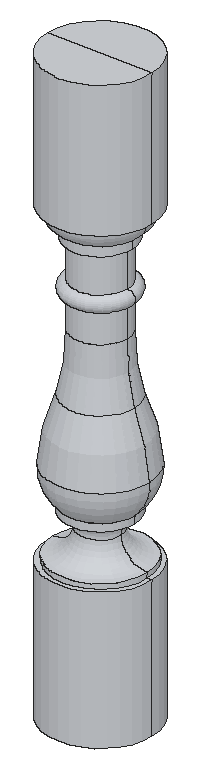
Revit family
Parameters (values of type "Balustrade G30M")
  Width = 0' - 5 1/4"
  URL = "www.strombergarchitectural.com"
  Top Material = none
  Submittal Sheet = "www.strombergarchitectural.com/images/materials/gfrc/submittal/gfrc-submittal-sheet.pdf"
  Specifications = "www.strombergarchitectural.com/gfrcspecifications"
  Model Cut-sheet = "http://www.strombergarchitectural.com/products/balustrade/design/G30M"
  Model = "Balustrade G30M"
  Manufacturer = "Stromberg Architectural Products"
  Guidebook = "www.strombergarchitectural.com/images/materials/gfrc/handbooks/gfrc_guidebook.pdf   \r\n(http://www.strombergarchitectural.com/images/materials/gfrc/handbooks/gfrc_guidebook.pdf"
  Description = "GFRC Baluster"
  Assembly Code = ""
  Height = 2' - 6"
  XXX.5 = no
  XXX.4 = no
  XXX.3 = no
  XXX.2 = no
  XXX.1 = yes
Reference planes (in)
  plane 1 "Center (Front/Back)": y = 3.74847
  plane 2: z = 0
  plane 3 "Center (Left/Right)": x = 0.7278
  plane 4 "Front": y = -3.25153
  plane 5 "Back": y = 10.74847
  plane 6 "Left": x = -17.2722
  plane 7 "Right": x = 18.7278
Forms (in)
  Revolve 1, solid
    sketch origin (0, 3.74847, 0) x (1, 0, 0) y (0, 0, 1)
      loop
        line (0.7278, 30) -> (-1.8972, 30) -> (-1.8972, 23.1875) -> (-1.6472, 23.1875)
        arc (-1.6472, 23.1875) -> (-1.4385, 22.56277) -> (-0.8972, 22.1875) r 1.04349
        line (-0.8972, 22.1875) -> (-0.8972, 21.6875) -> (-0.6472, 21.6875) -> (-0.6472, 19.8125)
        arc (-0.6472, 19.8125) -> (-1.0222, 19.4375) -> (-0.6472, 19.0625) r 0.375
        line (-0.6472, 19.0625) -> (-0.6472, 17.5625)
        arc (-0.6472, 17.5625) -> (-0.71275, 16.04726) -> (-1.0222, 14.5625) r 9.35833
        arc (-1.0222, 14.5625) -> (-1.54109, 13.03453) -> (-1.7722, 11.4375) r 8.79851
        arc (-1.7722, 11.4375) -> (-1.59425, 10.47805) -> (-1.0222, 9.6875) r 2.22083
        line (-1.0222, 9.6875) -> (-1.0222, 9.3125)
        arc (-1.0222, 9.3125) -> (-0.52313, 9.07988) -> (-0.3347, 8.5625) r 0.71945
        arc (-0.3347, 8.5625) -> (-0.74483, 7.67908) -> (-1.6472, 7.3125) r 1.32911
        line (-1.6472, 7.3125) -> (-1.6472, 7.0625) -> (-1.8972, 7.0625) -> (-1.8972, 0) -> (0.7278, 0) -> (0.7278, 30)
      axis (0.7278, 30) -> (0.7278, 0)
    angle from 0 to 360
Dimensions and locks (in)
  aligned and locked: level to plane 2
